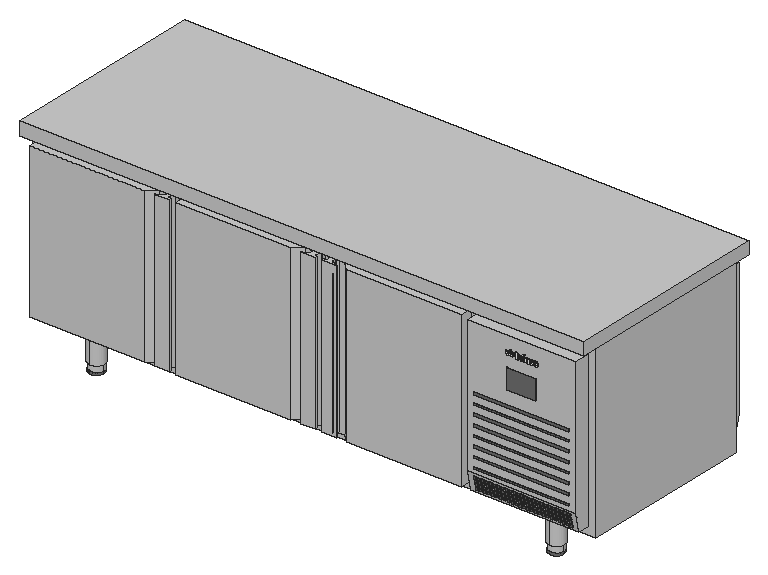
Revit family "QF_INFRICO_MR2190PDC_250813032627", category Specialty Equipment, Revit 2021
Family settings
  Round Connector Dimension = Use Diameter
  Part Type = Normal
  OmniClass Number = 23.40.40.14
  OmniClass Title = Food Service Equipment
  Work Plane-Based = No
  Always vertical = Yes
  Cut with Voids When Loaded = No
  Shared = No
  Room Calculation Point = No
Parameters (values of type "MR2190PDC-R290")
  Weight [instance] = 205.001 kg
  Waste Water Discharge Temperature [instance] = 0 °C
  Waste Remarks [instance] = ""
  Warranty Start Date [instance] = ""
  Warranty Duration [instance] = ""
  Volts [instance] = 230 V
  Volt Free Conn [instance] = no
  URL Recommended Spares List [instance] = ""
  URL Manufacturer [instance] = ""
  URL Cutsheet [instance] = ""
  URL Critical Spares List [instance] = ""
  URL = "www.infrico.com"
  Technical Documentation [instance] = ""
  Tag Number [instance] = ""
  Status [instance] = ""
  Start Up Current [instance] = 0 A
  Specification by User [instance] = ""
  Specification by Manufacturer [instance] = ""
  Sound Level [instance] = ""
  Show Logo [instance] = yes
  Show Clearances [instance] = yes
  Service Life Duration [instance] = ""
  Serial Number [instance] = ""
  Seismic Rating [instance] = ""
  SMACNA No [instance] = ""
  Revision Code [instance] = ""
  Revision [instance] = ""
  Production Year [instance] = ""
  Potential Equalisation [instance] = no
  Point Load [instance] = 0
  Plumbing Connection Type [instance] = ""
  Phase [instance] = 1
  Other Equipment Approvals [instance] = ""
  Operational Current [instance] = 0 A
  Number of Poles [instance] = 2
  No Load Power Draw [instance] = no
  NAFEM Spec ID Number [instance] = ""
  Model Warning [instance] = ""
  Model = "MR2190PDC"
  Min Ckt Ampacity [instance] = 0 A
  Max Overcurrent Protection [instance] = 0 A
  Masterspec [instance] = ""
  Manufacturer = "INFRICO"
  Main switch integrated [instance] = no
  Length Actual [instance] = 2184.908 mm
  Item Number [instance] = ""
  Installed By [instance] = ""
  Installation Date [instance] = ""
  Indirect Waste Size [instance] = 19.05 mm
  Indirect Waste Remarks [instance] = ""
  Indirect Waste Flow [instance] = 0.0 L/s
  Indirect Waste Connection Type [instance] = ""
  Indirect Waste Connection Height [instance] = 0 mm
  Identify Quantity as Lot [instance] = no
  ID [instance] = ""
  Hygiene Approval [instance] = ""
  Height Actual [instance] = 849.884 mm
  HP power [instance] = ""
  Furnished By [instance] = ""
  Foodservice Equipment Identifier [instance] = no
  FL Amps [instance] = 0 A
  Electrical Remarks [instance] = ""
  Electric power [instance] = 370 W
  Electric Connection Type [instance] = ""
  Elec Conn RI Height [instance] = 0 mm
  Elec Conn Connection Height [instance] = 0 mm
  ETL Approved [instance] = no
  Direct Waste Water Discharge Temperature [instance] = -273.15 °C
  Direct Waste Size [instance] = 19.05 mm
  Direct Waste RI Height [instance] = 0 mm
  Direct Waste Flow [instance] = 0.0 L/s
  Direct Waste Connection Height [instance] = 0 mm
  Description = "EURONORM 600X400 PASS THRU COUNTER REFRIGERATOR  800 SERIES - R290"
  Depth Actual [instance] = 800.1 mm
  Default Elevation = 0 mm
  Cycle [instance] = 50 Hz
  Cost = 0
  Connection to energy optimisation system [instance] = yes
  Conn Plug [instance] = ""
  Conn Conduit [instance] = no
  Centralized building control system with digital interface [instance] = ""
  CSI MasterFormat [instance] = ""
  CE Approved [instance] = no
  Barcode [instance] = 0
  Author [instance] = ""
  Asset Identifier [instance] = ""
  Apparent Power [instance] = 370 VA
  Accessory [instance] = no
Reference planes
  plane 1 "Center (Front/Back)": y = 0
  plane 2: z = 0
  plane 3 "Center (Left/Right)": x = 0
Forms (mm)
  Extrusion 1, solid, not visible
    sketch origin (898.044, -113.006, 142.007) x (1, 0, 0) y (0, 1, 0)
      loop
        line (-2, 2) -> (-2, -2) -> (2, -2) -> (2, 2) -> (-2, 2)
    from -2 to 2
  Extrusion 2, solid, not visible
    sketch origin (2123.104, -60.003, 142.007) x (1, 0, 0) y (0, 1, 0)
      loop
        line (-2, 2) -> (-2, -2) -> (2, -2) -> (2, 2) -> (-2, 2)
    from -2 to 2
Dimensions and locks
  locked: nested 2 to Extrusion 1 at 2  (x2)
  locked: nested 3 to Extrusion 2 at 2  (x2)
  aligned and locked: level to plane 2
Nested families
  nested 1: "QF_INFRICO_MR2190PDC_2920" at (0, 0, 140), type "MR2190PDC-R290"
    with Weight 205.001 kg, Warranty Start Date "", Warranty Duration "", URL Cutsheet "", Technical Documentation "", Tag Number "", Status "", Specification by User "", Specification by Manufacturer "", Sound Level "", Solid Fuel Type "", Show Logo yes, Show Clearances yes, Show Clearance yes, Service Life Duration "", Serial Number "", Seismic Rating "", SMACNA No "", Revision Code "", Revision "", Production Year "", Point Load 0, Other Equipment Approvals "", NAFEM Spec ID Number "", Model Warning "", Masterspec "", Length Actual 2184.908 mm, Item Number "", Installed By "", Installation Date "", Identify Quantity as Lot yes, ID "", Hygiene Approval "", Height Actual 849.884 mm, Furnished By "", Foodservice Equipment Identifier yes, ETL Approved yes, Depth Actual 800.1 mm, CSI MasterFormat "", CE Approved no, Barcode "", Author "", Asset Identifier "", Accessory no
  nested 2: "CONN_POINT_DRAIN_2D___Generic_Annotation" at (898.044, -113.006, 140.007), type "CONN_POINT_DRAIN_2D___Generic_Annotation"
    with Onboard connection annotation symbol visibility yes
  nested 3: "CONN_POINT_ELE_2D___Generic_Annotation" at (2123.104, -60.003, 140.007), type "CONN_POINT_ELE_2D___Generic_Annotation"
    with Onboard connection annotation symbol visibility yes
  nested 4: "QF_INFRICO_MR_DOOR_SX_5014" at (22, -738, 168), type "MR_DOOR_SX"
    with Weight 0.00 kg, Warranty Start Date "", Warranty Duration "", URL Cutsheet "", Technical Documentation "", Tag Number "", Status "", Specification by User "", Specification by Manufacturer "", Sound Level "", Solid Fuel Type "", Show Logo yes, Show Clearances yes, Show Clearance yes, Service Life Duration "", Serial Number "", Seismic Rating "", SMACNA No "", Revision Code "", Revision "", Production Year "", Point Load 0, Other Equipment Approvals "", NAFEM Spec ID Number "", Model Warning "", Masterspec "", Length Actual 542.036 mm, Item Number "", Installed By "", Installation Date "", Identify Quantity as Lot yes, ID "", Hygiene Approval "", Height Actual 596.9 mm, Furnished By "", Foodservice Equipment Identifier yes, ETL Approved yes, Depth Actual 54.102 mm, CSI MasterFormat "", CE Approved no, Barcode "", Author "", Asset Identifier "", Accessory yes
  nested 5: "QF_INFRICO_MR_DOOR_SX_5795" at (589, -738, 168), type "MR_DOOR_SX"
    with Weight 0.00 kg, Warranty Start Date "", Warranty Duration "", URL Cutsheet "", Technical Documentation "", Tag Number "", Status "", Specification by User "", Specification by Manufacturer "", Sound Level "", Solid Fuel Type "", Show Logo yes, Show Clearances yes, Show Clearance yes, Service Life Duration "", Serial Number "", Seismic Rating "", SMACNA No "", Revision Code "", Revision "", Production Year "", Point Load 0, Other Equipment Approvals "", NAFEM Spec ID Number "", Model Warning "", Masterspec "", Length Actual 542.036 mm, Item Number "", Installed By "", Installation Date "", Identify Quantity as Lot yes, ID "", Hygiene Approval "", Height Actual 596.9 mm, Furnished By "", Foodservice Equipment Identifier yes, ETL Approved yes, Depth Actual 54.102 mm, CSI MasterFormat "", CE Approved no, Barcode "", Author "", Asset Identifier "", Accessory yes
  nested 6: "QF_INFRICO_MR_DOOR_DX_6572" at (1156, -738, 168), type "MR_DOOR_DX"
    with Weight 0.00 kg, Warranty Start Date "", Warranty Duration "", URL Cutsheet "", Technical Documentation "", Tag Number "", Status "", Specification by User "", Specification by Manufacturer "", Sound Level "", Solid Fuel Type "", Show Logo yes, Show Clearances yes, Show Clearance yes, Service Life Duration "", Serial Number "", Seismic Rating "", SMACNA No "", Revision Code "", Revision "", Production Year "", Point Load 0, Other Equipment Approvals "", NAFEM Spec ID Number "", Model Warning "", Masterspec "", Length Actual 542.036 mm, Item Number "", Installed By "", Installation Date "", Identify Quantity as Lot yes, ID "", Hygiene Approval "", Height Actual 596.9 mm, Furnished By "", Foodservice Equipment Identifier yes, ETL Approved yes, Depth Actual 54.102 mm, CSI MasterFormat "", CE Approved no, Barcode "", Author "", Asset Identifier "", Accessory yes
  nested 7: "QF_INFRICO_MRPDC_DOOR_SX_7349" at (22, -18, 168), type "MRPDC_DOOR_SX"
    with Weight 0.00 kg, Warranty Start Date "", Warranty Duration "", URL Cutsheet "", Technical Documentation "", Tag Number "", Status "", Specification by User "", Specification by Manufacturer "", Sound Level "", Solid Fuel Type "", Show Logo yes, Show Clearances yes, Show Clearance yes, Service Life Duration "", Serial Number "", Seismic Rating "", SMACNA No "", Revision Code "", Revision "", Production Year "", Point Load 0, Other Equipment Approvals "", NAFEM Spec ID Number "", Model Warning "", Masterspec "", Length Actual 542.036 mm, Item Number "", Installed By "", Installation Date "", Identify Quantity as Lot yes, ID "", Hygiene Approval "", Height Actual 596.9 mm, Furnished By "", Foodservice Equipment Identifier yes, ETL Approved yes, Depth Actual 54.102 mm, CSI MasterFormat "", CE Approved no, Barcode "", Author "", Asset Identifier "", Accessory yes
  nested 8: "QF_INFRICO_MRPDC_DOOR_SX_8126" at (589, -18, 168), type "MRPDC_DOOR_SX"
    with Weight 0.00 kg, Warranty Start Date "", Warranty Duration "", URL Cutsheet "", Technical Documentation "", Tag Number "", Status "", Specification by User "", Specification by Manufacturer "", Sound Level "", Solid Fuel Type "", Show Logo yes, Show Clearances yes, Show Clearance yes, Service Life Duration "", Serial Number "", Seismic Rating "", SMACNA No "", Revision Code "", Revision "", Production Year "", Point Load 0, Other Equipment Approvals "", NAFEM Spec ID Number "", Model Warning "", Masterspec "", Length Actual 542.036 mm, Item Number "", Installed By "", Installation Date "", Identify Quantity as Lot yes, ID "", Hygiene Approval "", Height Actual 596.9 mm, Furnished By "", Foodservice Equipment Identifier yes, ETL Approved yes, Depth Actual 54.102 mm, CSI MasterFormat "", CE Approved no, Barcode "", Author "", Asset Identifier "", Accessory yes
  nested 9: "QF_INFRICO_MRPDC_DOOR_DX_8903" at (1156, -18, 168), type "MRPDC_DOOR_DX"
    with Weight 0.00 kg, Warranty Start Date "", Warranty Duration "", URL Cutsheet "", Technical Documentation "", Tag Number "", Status "", Specification by User "", Specification by Manufacturer "", Sound Level "", Solid Fuel Type "", Show Logo yes, Show Clearances yes, Show Clearance yes, Service Life Duration "", Serial Number "", Seismic Rating "", SMACNA No "", Revision Code "", Revision "", Production Year "", Point Load 0, Other Equipment Approvals "", NAFEM Spec ID Number "", Model Warning "", Masterspec "", Length Actual 542.036 mm, Item Number "", Installed By "", Installation Date "", Identify Quantity as Lot yes, ID "", Hygiene Approval "", Height Actual 596.9 mm, Furnished By "", Foodservice Equipment Identifier yes, ETL Approved yes, Depth Actual 54.102 mm, CSI MasterFormat "", CE Approved no, Barcode "", Author "", Asset Identifier "", Accessory yes
  nested 10: "QF_INFRICO_WORKTOP_9680" at (0, 0, 800), type "ENC12SPMR21"
    with Weight 0.00 kg, Warranty Start Date "", Warranty Duration "", URL Cutsheet "", Technical Documentation "", Tag Number "", Status "", Specification by User "", Specification by Manufacturer "", Sound Level "", Solid Fuel Type "", Show Logo yes, Show Clearances yes, Show Clearance yes, Service Life Duration "", Serial Number "", Seismic Rating "", SMACNA No "", Revision Code "", Revision "", Production Year "", Point Load 0, Other Equipment Approvals "", NAFEM Spec ID Number "", Model Warning "", Masterspec "", Length Actual 2184.908 mm, Item Number "", Installed By "", Installation Date "", Identify Quantity as Lot yes, ID "", Hygiene Approval "", Height Actual 50.038 mm, Furnished By "", Foodservice Equipment Identifier yes, ETL Approved yes, Depth Actual 800.1 mm, CSI MasterFormat "", CE Approved no, Barcode "", Author "", Asset Identifier "", Accessory yes
  nested 11: "QF_INFRICO_LEGS_10524" at (0, -62, 0), type "LEGS_2190_740"
    with Weight 0.00 kg, Warranty Start Date "", Warranty Duration "", URL Cutsheet "", Technical Documentation "", Tag Number "", Status "", Specification by User "", Specification by Manufacturer "", Sound Level "", Solid Fuel Type "", Show Logo yes, Show Clearances yes, Show Clearance yes, Service Life Duration "", Serial Number "", Seismic Rating "", SMACNA No "", Revision Code "", Revision "", Production Year "", Point Load 0, Other Equipment Approvals "", NAFEM Spec ID Number "", Model Warning "", Masterspec "", Length Actual 2184.908 mm, Item Number "", Installed By "", Installation Date "", Identify Quantity as Lot yes, ID "", Hygiene Approval "", Height Actual 139.954 mm, Furnished By "", Foodservice Equipment Identifier yes, ETL Approved yes, Depth Actual 738.124 mm, CSI MasterFormat "", CE Approved no, Barcode "", Author "", Asset Identifier "", Accessory yes
Connectors
  piping at (898.044, -113.006, 140.007), diameter 19.05, driven by "Indirect Waste Size", driven by "Direct Waste Flow"
    settings: on Extrusion 1, index 1, connector inside diameter 609.6 mm, connector length 0 mm, flow factor 0, pipe flow 0.0 L/s, pressure drop 0.0 Pa, fitting loss kfactor 0, connector angle 0.00°, fixture units 0, engagement length 0 mm, angle of deflection 0.00°, flow configuration 1, flow direction 2, fitting loss method 0, system type 16, joint type 0, gender type 0, connector reference index -1, connector utility 0, adjustable connector no, is connector primary yes, connector description "Waste connection for MR2190PDC"
  electrical at (2123.104, -60.003, 140.007), driven by "Apparent Power", driven by "Number of Poles", driven by "Volts"
    settings: on Extrusion 2, index 2, voltage 230 V, apparent load 0 VA, apparent load phase1 370 VA, apparent load phase2 0 VA, apparent load phase3 0 VA, power factor 1, load classification "Other", number of poles 2, system type 31, power factor state 1, is connector primary yes, connector utility no, sub classification motor no, connector description "Electrical connection for MR2190PDC"
Definition of nested family "QF_INFRICO_MR2190PDC_2920"
  Parameters (values of type "MR2190PDC-R290")
    Weight [instance] = 0.00 kg
    Warranty Start Date [instance] = ""
    Warranty Duration [instance] = ""
    URL Cutsheet [instance] = ""
    URL = "www.infrico.com"
    Technical Documentation [instance] = ""
    Tag Number [instance] = ""
    Status [instance] = ""
    Specification by User [instance] = ""
    Specification by Manufacturer [instance] = ""
    Sound Level [instance] = ""
    Solid Fuel Type [instance] = ""
    Show Logo [instance] = yes
    Show Clearances [instance] = yes
    Show Clearance [instance] = yes
    Service Life Duration [instance] = ""
    Serial Number [instance] = ""
    Seismic Rating [instance] = ""
    SMACNA No [instance] = ""
    Revision Code [instance] = ""
    Revision [instance] = ""
    Production Year [instance] = ""
    Point Load [instance] = 0
    Other Equipment Approvals [instance] = ""
    NAFEM Spec ID Number [instance] = ""
    Model Warning [instance] = ""
    Model = "MR2190PDC"
    Masterspec [instance] = ""
    Manufacturer = "INFRICO"
    Length Actual [instance] = 0 mm
    Item Number [instance] = ""
    Installed By [instance] = ""
    Installation Date [instance] = ""
    Identify Quantity as Lot [instance] = yes
    ID [instance] = ""
    Hygiene Approval [instance] = ""
    Height Actual [instance] = 0 mm
    Furnished By [instance] = ""
    Foodservice Equipment Identifier [instance] = yes
    ETL Approved [instance] = yes
    Description = "EURONORM 600X400 PASS THRU COUNTER REFRIGERATOR  800 SERIES - R290"
    Depth Actual [instance] = 0 mm
    Default Elevation = 0 mm
    CSI MasterFormat [instance] = ""
    CE Approved [instance] = yes
    Barcode [instance] = ""
    Author [instance] = ""
    Asset Identifier [instance] = ""
    Assembly Code = "E1090320"
    Accessory [instance] = yes
  Types (4, lengths in mm): name | Model | Description
    MR2190PDC | "MR2190PDC" | "EURONORM 600X400 PASS THRU COUNTER REFRIGERATOR  800 SERIES - R134A"
    MR2190PDCR | "MR2190PDCR" | "EURONORM 600X400 PASS THRU COUNTER REFRIGERATOR  800 SERIES - R134A"
    MR2190PDC-R290 | "MR2190PDC" | "EURONORM 600X400 PASS THRU COUNTER REFRIGERATOR  800 SERIES - R290"
    MR2190PDCR-R290 | "MR2190PDCR" | "EURONORM 600X400 PASS THRU COUNTER REFRIGERATOR  800 SERIES - R290"
  Reference planes
    plane 1 "Back": y = 0
    plane 2: z = 0
    plane 3 "Left": x = 0
    plane 4 "Right": x = 2185
    plane 5 "Front": y = -800
    plane 6 "Top": z = 660
  Forms (mm)
    Extrusion 1, solid
      sketch origin (717, -100, -140) x (0, 1, 0) y (0, 0, 1)
        loop
          line (-638.02, 765.292) -> (-695.03, 765.292) -> (-695.03, 238.436) -> (-678.769, 168) -> (-638.02, 168) -> (-638.02, 765.292)
      from 1013.993 to 1433.993
    Extrusion 2, solid
      sketch origin (-1283, -793.13, -140) x (1, 0, 0) y (0, 0, 1)
        loop
          line (3408.016, 523.949) -> (3040.73, 523.949) -> (3040.73, 514.949) -> (3408.016, 514.949) -> (3408.016, 523.949)
        loop
          line (3408.016, 486.949) -> (3040.73, 486.949) -> (3040.73, 477.949) -> (3408.016, 477.949) -> (3408.016, 486.949)
        loop
          line (3408.016, 449.949) -> (3040.73, 449.949) -> (3040.73, 440.949) -> (3408.016, 440.949) -> (3408.016, 449.949)
        loop
          line (3408.016, 412.949) -> (3040.73, 412.949) -> (3040.73, 403.949) -> (3408.016, 403.949) -> (3408.016, 412.949)
        loop
          line (3408.016, 375.949) -> (3040.73, 375.949) -> (3040.73, 366.949) -> (3408.016, 366.949) -> (3408.016, 375.949)
        loop
          line (3408.016, 338.949) -> (3040.73, 338.949) -> (3040.73, 329.949) -> (3408.016, 329.949) -> (3408.016, 338.949)
        loop
          line (3408.016, 301.949) -> (3040.73, 301.949) -> (3040.73, 292.949) -> (3408.016, 292.949) -> (3408.016, 301.949)
        loop
          line (3408.016, 264.949) -> (3040.73, 264.949) -> (3040.73, 255.949) -> (3408.016, 255.949) -> (3408.016, 264.949)
      from 0 to 2
    Extrusion 3, solid
      sketch origin (-1283, -739.263, -134.673) x (1, 0, 0) y (0, -0.224951, 0.97437)
        loop
          line (3036.73, 215.974) -> (3036.73, 205.974) -> (3046.73, 205.974) -> (3046.73, 215.974) -> (3036.73, 215.974)
        loop
          line (3036.73, 230.769) -> (3036.73, 220.769) -> (3046.73, 220.769) -> (3046.73, 230.769) -> (3036.73, 230.769)
        loop
          line (3036.73, 186.385) -> (3036.73, 176.385) -> (3046.73, 176.385) -> (3046.73, 186.385) -> (3036.73, 186.385)
        loop
          line (3036.73, 201.179) -> (3036.73, 191.179) -> (3046.73, 191.179) -> (3046.73, 201.179) -> (3036.73, 201.179)
        loop
          line (3051.938, 215.974) -> (3051.938, 205.974) -> (3061.938, 205.974) -> (3061.938, 215.974) -> (3051.938, 215.974)
        loop
          line (3051.938, 230.769) -> (3051.938, 220.769) -> (3061.938, 220.769) -> (3061.938, 230.769) -> (3051.938, 230.769)
        loop
          line (3051.938, 186.385) -> (3051.938, 176.385) -> (3061.938, 176.385) -> (3061.938, 186.385) -> (3051.938, 186.385)
        loop
          line (3051.938, 201.179) -> (3051.938, 191.179) -> (3061.938, 191.179) -> (3061.938, 201.179) -> (3051.938, 201.179)
        loop
          line (3067.147, 215.974) -> (3067.147, 205.974) -> (3077.147, 205.974) -> (3077.147, 215.974) -> (3067.147, 215.974)
        loop
          line (3067.147, 230.769) -> (3067.147, 220.769) -> (3077.147, 220.769) -> (3077.147, 230.769) -> (3067.147, 230.769)
        loop
          line (3067.147, 186.385) -> (3067.147, 176.385) -> (3077.147, 176.385) -> (3077.147, 186.385) -> (3067.147, 186.385)
        loop
          line (3067.147, 201.179) -> (3067.147, 191.179) -> (3077.147, 191.179) -> (3077.147, 201.179) -> (3067.147, 201.179)
        loop
          line (3082.355, 215.974) -> (3082.355, 205.974) -> (3092.355, 205.974) -> (3092.355, 215.974) -> (3082.355, 215.974)
        loop
          line (3082.355, 230.769) -> (3082.355, 220.769) -> (3092.355, 220.769) -> (3092.355, 230.769) -> (3082.355, 230.769)
        loop
          line (3082.355, 186.385) -> (3082.355, 176.385) -> (3092.355, 176.385) -> (3092.355, 186.385) -> (3082.355, 186.385)
        loop
          line (3082.355, 201.179) -> (3082.355, 191.179) -> (3092.355, 191.179) -> (3092.355, 201.179) -> (3082.355, 201.179)
        loop
          line (3097.563, 215.974) -> (3097.563, 205.974) -> (3107.563, 205.974) -> (3107.563, 215.974) -> (3097.563, 215.974)
        loop
          line (3097.563, 230.769) -> (3097.563, 220.769) -> (3107.563, 220.769) -> (3107.563, 230.769) -> (3097.563, 230.769)
        loop
          line (3097.563, 186.385) -> (3097.563, 176.385) -> (3107.563, 176.385) -> (3107.563, 186.385) -> (3097.563, 186.385)
        loop
          line (3097.563, 201.179) -> (3097.563, 191.179) -> (3107.563, 191.179) -> (3107.563, 201.179) -> (3097.563, 201.179)
        loop
          line (3112.772, 215.974) -> (3112.772, 205.974) -> (3122.772, 205.974) -> (3122.772, 215.974) -> (3112.772, 215.974)
        loop
          line (3112.772, 230.769) -> (3112.772, 220.769) -> (3122.772, 220.769) -> (3122.772, 230.769) -> (3112.772, 230.769)
        loop
          line (3112.772, 186.385) -> (3112.772, 176.385) -> (3122.772, 176.385) -> (3122.772, 186.385) -> (3112.772, 186.385)
        loop
          line (3112.772, 201.179) -> (3112.772, 191.179) -> (3122.772, 191.179) -> (3122.772, 201.179) -> (3112.772, 201.179)
        loop
          line (3127.98, 215.974) -> (3127.98, 205.974) -> (3137.98, 205.974) -> (3137.98, 215.974) -> (3127.98, 215.974)
        loop
          line (3127.98, 230.769) -> (3127.98, 220.769) -> (3137.98, 220.769) -> (3137.98, 230.769) -> (3127.98, 230.769)
        loop
          line (3127.98, 186.385) -> (3127.98, 176.385) -> (3137.98, 176.385) -> (3137.98, 186.385) -> (3127.98, 186.385)
        loop
          line (3127.98, 201.179) -> (3127.98, 191.179) -> (3137.98, 191.179) -> (3137.98, 201.179) -> (3127.98, 201.179)
        loop
          line (3143.188, 215.974) -> (3143.188, 205.974) -> (3153.188, 205.974) -> (3153.188, 215.974) -> (3143.188, 215.974)
        loop
          line (3143.188, 230.769) -> (3143.188, 220.769) -> (3153.188, 220.769) -> (3153.188, 230.769) -> (3143.188, 230.769)
        loop
          line (3143.188, 186.385) -> (3143.188, 176.385) -> (3153.188, 176.385) -> (3153.188, 186.385) -> (3143.188, 186.385)
        loop
          line (3143.188, 201.179) -> (3143.188, 191.179) -> (3153.188, 191.179) -> (3153.188, 201.179) -> (3143.188, 201.179)
        loop
          line (3158.397, 215.974) -> (3158.397, 205.974) -> (3168.397, 205.974) -> (3168.397, 215.974) -> (3158.397, 215.974)
        loop
          line (3158.397, 230.769) -> (3158.397, 220.769) -> (3168.397, 220.769) -> (3168.397, 230.769) -> (3158.397, 230.769)
        loop
          line (3158.397, 186.385) -> (3158.397, 176.385) -> (3168.397, 176.385) -> (3168.397, 186.385) -> (3158.397, 186.385)
        loop
          line (3158.397, 201.179) -> (3158.397, 191.179) -> (3168.397, 191.179) -> (3168.397, 201.179) -> (3158.397, 201.179)
        loop
          line (3173.605, 215.974) -> (3173.605, 205.974) -> (3183.605, 205.974) -> (3183.605, 215.974) -> (3173.605, 215.974)
        loop
          line (3173.605, 230.769) -> (3173.605, 220.769) -> (3183.605, 220.769) -> (3183.605, 230.769) -> (3173.605, 230.769)
        loop
          line (3173.605, 186.385) -> (3173.605, 176.385) -> (3183.605, 176.385) -> (3183.605, 186.385) -> (3173.605, 186.385)
        loop
          line (3173.605, 201.179) -> (3173.605, 191.179) -> (3183.605, 191.179) -> (3183.605, 201.179) -> (3173.605, 201.179)
        loop
          line (3188.813, 215.974) -> (3188.813, 205.974) -> (3198.813, 205.974) -> (3198.813, 215.974) -> (3188.813, 215.974)
        loop
          line (3188.813, 230.769) -> (3188.813, 220.769) -> (3198.813, 220.769) -> (3198.813, 230.769) -> (3188.813, 230.769)
        loop
          line (3188.813, 186.385) -> (3188.813, 176.385) -> (3198.813, 176.385) -> (3198.813, 186.385) -> (3188.813, 186.385)
        loop
          line (3188.813, 201.179) -> (3188.813, 191.179) -> (3198.813, 191.179) -> (3198.813, 201.179) -> (3188.813, 201.179)
        loop
          line (3204.022, 215.974) -> (3204.022, 205.974) -> (3214.022, 205.974) -> (3214.022, 215.974) -> (3204.022, 215.974)
        loop
          line (3204.022, 230.769) -> (3204.022, 220.769) -> (3214.022, 220.769) -> (3214.022, 230.769) -> (3204.022, 230.769)
        loop
          line (3204.022, 186.385) -> (3204.022, 176.385) -> (3214.022, 176.385) -> (3214.022, 186.385) -> (3204.022, 186.385)
        loop
          line (3204.022, 201.179) -> (3204.022, 191.179) -> (3214.022, 191.179) -> (3214.022, 201.179) -> (3204.022, 201.179)
        loop
          line (3219.23, 215.974) -> (3219.23, 205.974) -> (3229.23, 205.974) -> (3229.23, 215.974) -> (3219.23, 215.974)
        loop
          line (3219.23, 230.769) -> (3219.23, 220.769) -> (3229.23, 220.769) -> (3229.23, 230.769) -> (3219.23, 230.769)
        loop
          line (3219.23, 186.385) -> (3219.23, 176.385) -> (3229.23, 176.385) -> (3229.23, 186.385) -> (3219.23, 186.385)
        loop
          line (3219.23, 201.179) -> (3219.23, 191.179) -> (3229.23, 191.179) -> (3229.23, 201.179) -> (3219.23, 201.179)
        loop
          line (3234.438, 215.974) -> (3234.438, 205.974) -> (3244.438, 205.974) -> (3244.438, 215.974) -> (3234.438, 215.974)
        loop
          line (3234.438, 230.769) -> (3234.438, 220.769) -> (3244.438, 220.769) -> (3244.438, 230.769) -> (3234.438, 230.769)
        loop
          line (3234.438, 186.385) -> (3234.438, 176.385) -> (3244.438, 176.385) -> (3244.438, 186.385) -> (3234.438, 186.385)
        loop
          line (3234.438, 201.179) -> (3234.438, 191.179) -> (3244.438, 191.179) -> (3244.438, 201.179) -> (3234.438, 201.179)
        loop
          line (3249.647, 215.974) -> (3249.647, 205.974) -> (3259.647, 205.974) -> (3259.647, 215.974) -> (3249.647, 215.974)
        loop
          line (3249.647, 230.769) -> (3249.647, 220.769) -> (3259.647, 220.769) -> (3259.647, 230.769) -> (3249.647, 230.769)
        loop
          line (3249.647, 186.385) -> (3249.647, 176.385) -> (3259.647, 176.385) -> (3259.647, 186.385) -> (3249.647, 186.385)
        loop
          line (3249.647, 201.179) -> (3249.647, 191.179) -> (3259.647, 191.179) -> (3259.647, 201.179) -> (3249.647, 201.179)
        loop
          line (3264.855, 215.974) -> (3264.855, 205.974) -> (3274.855, 205.974) -> (3274.855, 215.974) -> (3264.855, 215.974)
        loop
          line (3264.855, 230.769) -> (3264.855, 220.769) -> (3274.855, 220.769) -> (3274.855, 230.769) -> (3264.855, 230.769)
        loop
          line (3264.855, 186.385) -> (3264.855, 176.385) -> (3274.855, 176.385) -> (3274.855, 186.385) -> (3264.855, 186.385)
        loop
          line (3264.855, 201.179) -> (3264.855, 191.179) -> (3274.855, 191.179) -> (3274.855, 201.179) -> (3264.855, 201.179)
        loop
          line (3280.063, 215.974) -> (3280.063, 205.974) -> (3290.063, 205.974) -> (3290.063, 215.974) -> (3280.063, 215.974)
        loop
          line (3280.063, 230.769) -> (3280.063, 220.769) -> (3290.063, 220.769) -> (3290.063, 230.769) -> (3280.063, 230.769)
        loop
          line (3280.063, 186.385) -> (3280.063, 176.385) -> (3290.063, 176.385) -> (3290.063, 186.385) -> (3280.063, 186.385)
        loop
          line (3280.063, 201.179) -> (3280.063, 191.179) -> (3290.063, 191.179) -> (3290.063, 201.179) -> (3280.063, 201.179)
        loop
          line (3295.272, 215.974) -> (3295.272, 205.974) -> (3305.272, 205.974) -> (3305.272, 215.974) -> (3295.272, 215.974)
        loop
          line (3295.272, 230.769) -> (3295.272, 220.769) -> (3305.272, 220.769) -> (3305.272, 230.769) -> (3295.272, 230.769)
        loop
          line (3295.272, 186.385) -> (3295.272, 176.385) -> (3305.272, 176.385) -> (3305.272, 186.385) -> (3295.272, 186.385)
        loop
          line (3295.272, 201.179) -> (3295.272, 191.179) -> (3305.272, 191.179) -> (3305.272, 201.179) -> (3295.272, 201.179)
        loop
          line (3310.48, 215.974) -> (3310.48, 205.974) -> (3320.48, 205.974) -> (3320.48, 215.974) -> (3310.48, 215.974)
        loop
          line (3310.48, 230.769) -> (3310.48, 220.769) -> (3320.48, 220.769) -> (3320.48, 230.769) -> (3310.48, 230.769)
        loop
          line (3310.48, 186.385) -> (3310.48, 176.385) -> (3320.48, 176.385) -> (3320.48, 186.385) -> (3310.48, 186.385)
        loop
          line (3310.48, 201.179) -> (3310.48, 191.179) -> (3320.48, 191.179) -> (3320.48, 201.179) -> (3310.48, 201.179)
        loop
          line (3325.688, 215.974) -> (3325.688, 205.974) -> (3335.688, 205.974) -> (3335.688, 215.974) -> (3325.688, 215.974)
        loop
          line (3325.688, 230.769) -> (3325.688, 220.769) -> (3335.688, 220.769) -> (3335.688, 230.769) -> (3325.688, 230.769)
        loop
          line (3325.688, 186.385) -> (3325.688, 176.385) -> (3335.688, 176.385) -> (3335.688, 186.385) -> (3325.688, 186.385)
        loop
          line (3325.688, 201.179) -> (3325.688, 191.179) -> (3335.688, 191.179) -> (3335.688, 201.179) -> (3325.688, 201.179)
        loop
          line (3340.897, 215.974) -> (3340.897, 205.974) -> (3350.897, 205.974) -> (3350.897, 215.974) -> (3340.897, 215.974)
        loop
          line (3340.897, 230.769) -> (3340.897, 220.769) -> (3350.897, 220.769) -> (3350.897, 230.769) -> (3340.897, 230.769)
        loop
          line (3340.897, 186.385) -> (3340.897, 176.385) -> (3350.897, 176.385) -> (3350.897, 186.385) -> (3340.897, 186.385)
        loop
          line (3340.897, 201.179) -> (3340.897, 191.179) -> (3350.897, 191.179) -> (3350.897, 201.179) -> (3340.897, 201.179)
        loop
          line (3356.105, 215.974) -> (3356.105, 205.974) -> (3366.105, 205.974) -> (3366.105, 215.974) -> (3356.105, 215.974)
        loop
          line (3356.105, 230.769) -> (3356.105, 220.769) -> (3366.105, 220.769) -> (3366.105, 230.769) -> (3356.105, 230.769)
        loop
          line (3356.105, 186.385) -> (3356.105, 176.385) -> (3366.105, 176.385) -> (3366.105, 186.385) -> (3356.105, 186.385)
        loop
          line (3356.105, 201.179) -> (3356.105, 191.179) -> (3366.105, 191.179) -> (3366.105, 201.179) -> (3356.105, 201.179)
        loop
          line (3371.313, 215.974) -> (3371.313, 205.974) -> (3381.313, 205.974) -> (3381.313, 215.974) -> (3371.313, 215.974)
        loop
          line (3371.313, 230.769) -> (3371.313, 220.769) -> (3381.313, 220.769) -> (3381.313, 230.769) -> (3371.313, 230.769)
        loop
          line (3371.313, 186.385) -> (3371.313, 176.385) -> (3381.313, 176.385) -> (3381.313, 186.385) -> (3371.313, 186.385)
        loop
          line (3371.313, 201.179) -> (3371.313, 191.179) -> (3381.313, 191.179) -> (3381.313, 201.179) -> (3371.313, 201.179)
        loop
          line (3386.522, 215.974) -> (3386.522, 205.974) -> (3396.522, 205.974) -> (3396.522, 215.974) -> (3386.522, 215.974)
        loop
          line (3386.522, 230.769) -> (3386.522, 220.769) -> (3396.522, 220.769) -> (3396.522, 230.769) -> (3386.522, 230.769)
        loop
          line (3386.522, 186.385) -> (3386.522, 176.385) -> (3396.522, 176.385) -> (3396.522, 186.385) -> (3386.522, 186.385)
        loop
          line (3386.522, 201.179) -> (3386.522, 191.179) -> (3396.522, 191.179) -> (3396.522, 201.179) -> (3386.522, 201.179)
        loop
          line (3401.73, 215.974) -> (3401.73, 205.974) -> (3411.73, 205.974) -> (3411.73, 215.974) -> (3401.73, 215.974)
        loop
          line (3401.73, 230.769) -> (3401.73, 220.769) -> (3411.73, 220.769) -> (3411.73, 230.769) -> (3401.73, 230.769)
        loop
          line (3401.73, 186.385) -> (3401.73, 176.385) -> (3411.73, 176.385) -> (3411.73, 186.385) -> (3401.73, 186.385)
        loop
          line (3401.73, 201.179) -> (3401.73, 191.179) -> (3411.73, 191.179) -> (3411.73, 201.179) -> (3401.73, 201.179)
      from 0 to 2
    Extrusion 4, solid, visible <- "Show Logo"
      sketch origin (716.014, -793.13, -140) x (1, 0, 0) y (0, 0, 1)
        loop
          line (1208.799, 696.53) -> (1208.799, 719.204) -> (1204.173, 719.204) -> (1204.173, 696.53) -> (1208.799, 696.53)
        loop
          line (1214.779, 713.006) -> (1211.283, 713.006) -> (1211.283, 696.53) -> (1215.772, 696.53) -> (1215.772, 707.832)
          arc (1215.772, 707.832) -> (1217.528, 708.741) -> (1219.417, 709.324) r 11.052
          arc (1219.417, 709.324) -> (1220.929, 708.961) -> (1221.598, 707.557) r 1.806
          line (1221.598, 707.557) -> (1221.598, 696.53) -> (1226.121, 696.53) -> (1226.121, 708.689)
          arc (1226.121, 708.689) -> (1224.637, 712.075) -> (1221.141, 713.281) r 4.607
          arc (1221.141, 713.281) -> (1218.282, 712.674) -> (1215.669, 711.361) r 11.435
          line (1215.669, 711.361) -> (1215.601, 712.184)
          arc (1215.601, 712.184) -> (1215.36, 712.765) -> (1214.779, 713.006) r 0.822
        loop
          line (1238.557, 720.102) -> (1237.306, 720.102)
          arc (1237.306, 720.102) -> (1235.052, 719.926) -> (1232.881, 719.297) r 11.103
          arc (1232.881, 719.297) -> (1230.805, 717.616) -> (1230.024, 715.062) r 4.567
          line (1230.024, 715.062) -> (1230.024, 712.909) -> (1227.351, 712.703) -> (1227.351, 709.374) -> (1230.024, 709.374) -> (1230.024, 696.53) -> (1234.547, 696.53) -> (1234.547, 709.374) -> (1238.249, 709.374) -> (1238.249, 712.938) -> (1234.547, 712.938) -> (1234.547, 714.548)
          arc (1234.547, 714.548) -> (1234.956, 715.705) -> (1236.045, 716.271) r 1.67
          line (1236.045, 716.271) -> (1237.7, 716.399)
          arc (1237.7, 716.399) -> (1238.306, 716.65) -> (1238.557, 717.255) r 0.857
          line (1238.557, 717.255) -> (1238.557, 720.102)
        loop
          line (1239.479, 713.006) -> (1239.479, 696.53) -> (1243.968, 696.53) -> (1243.968, 707.352)
          arc (1243.968, 707.352) -> (1245.873, 708.631) -> (1248.077, 709.268) r 7.435
          line (1248.077, 709.268) -> (1249.241, 709.416)
          arc (1249.241, 709.416) -> (1249.643, 709.758) -> (1249.793, 710.265) r 0.928
          line (1249.793, 710.265) -> (1249.793, 712.458)
          arc (1249.793, 712.458) -> (1249.531, 713.061) -> (1248.912, 713.28) r 0.824
          arc (1248.912, 713.28) -> (1246.197, 712.588) -> (1243.899, 710.984) r 7.833
          line (1243.899, 710.984) -> (1243.726, 713.006) -> (1239.479, 713.006)
        loop
          line (1255.495, 696.53) -> (1255.495, 713.006) -> (1251.006, 713.006) -> (1251.006, 696.53) -> (1255.495, 696.53)
        loop
          arc (1257.421, 701.327) -> (1258.567, 698.188) -> (1261.466, 696.525) r 4.873
          arc (1261.466, 696.525) -> (1264.493, 696.266) -> (1267.521, 696.525) r 17.816
          arc (1267.521, 696.525) -> (1270.575, 699.134) -> (1271.505, 703.041) r 6.481
          line (1271.505, 703.041) -> (1267.187, 703.041) -> (1267.187, 701.67)
          arc (1267.187, 701.67) -> (1266.64, 700.452) -> (1265.442, 699.865) r 1.965
          arc (1265.442, 699.865) -> (1264.547, 699.816) -> (1263.653, 699.865) r 8.196
          arc (1263.653, 699.865) -> (1262.417, 700.415) -> (1261.91, 701.67) r 1.806
          line (1261.91, 701.67) -> (1261.91, 707.9)
          arc (1261.91, 707.9) -> (1262.417, 709.155) -> (1263.653, 709.705) r 1.806
          arc (1263.653, 709.705) -> (1264.547, 709.754) -> (1265.442, 709.705) r 8.196
          arc (1265.442, 709.705) -> (1266.64, 709.118) -> (1267.187, 707.9) r 1.965
          line (1267.187, 707.9) -> (1267.187, 706.838) -> (1271.505, 706.838)
          arc (1271.505, 706.838) -> (1270.524, 710.556) -> (1267.521, 712.959) r 6.132
          arc (1267.521, 712.959) -> (1264.493, 713.294) -> (1261.466, 712.959) r 13.851
          arc (1261.466, 712.959) -> (1258.571, 711.349) -> (1257.421, 708.243) r 4.772
          line (1257.421, 708.243) -> (1257.421, 701.327)
        loop
          arc (1272.916, 701.329) -> (1273.993, 698.345) -> (1276.726, 696.734) r 4.676
          arc (1276.726, 696.734) -> (1278.515, 696.455) -> (1280.318, 696.291) r 28.371
          arc (1280.318, 696.291) -> (1282.122, 696.455) -> (1283.911, 696.734) r 28.371
          arc (1283.911, 696.734) -> (1286.644, 698.345) -> (1287.72, 701.329) r 4.676
          line (1287.72, 701.329) -> (1287.72, 708.242)
          arc (1287.72, 708.242) -> (1286.644, 711.226) -> (1283.911, 712.837) r 4.676
          arc (1283.911, 712.837) -> (1282.122, 713.116) -> (1280.318, 713.28) r 28.371
          arc (1280.318, 713.28) -> (1278.515, 713.116) -> (1276.726, 712.837) r 28.371
          arc (1276.726, 712.837) -> (1273.993, 711.226) -> (1272.916, 708.242) r 4.676
          line (1272.916, 708.242) -> (1272.916, 701.329)
        loop
          line (1277.405, 707.866) -> (1277.405, 701.705)
          arc (1277.405, 701.705) -> (1277.844, 700.556) -> (1278.936, 699.991) r 1.725
          arc (1278.936, 699.991) -> (1279.627, 699.918) -> (1280.318, 699.856) r 46.133
          arc (1280.318, 699.856) -> (1281.01, 699.918) -> (1281.701, 699.991) r 46.133
          arc (1281.701, 699.991) -> (1282.793, 700.556) -> (1283.231, 701.705) r 1.725
          line (1283.231, 701.705) -> (1283.231, 707.866)
          arc (1283.231, 707.866) -> (1282.793, 709.015) -> (1281.701, 709.58) r 1.725
          arc (1281.701, 709.58) -> (1281.01, 709.653) -> (1280.318, 709.716) r 46.133
          arc (1280.318, 709.716) -> (1279.627, 709.653) -> (1278.936, 709.58) r 46.133
          arc (1278.936, 709.58) -> (1277.844, 709.015) -> (1277.405, 707.866) r 1.725
        loop
          arc (1190.339, 696.543) -> (1191.411, 696.987) -> (1191.856, 698.059) r 1.516
          line (1191.856, 698.059) -> (1191.856, 703.891) -> (1196.035, 703.891)
          arc (1196.035, 703.891) -> (1196.79, 704.121) -> (1197.218, 704.782) r 1.147
          line (1197.218, 704.782) -> (1197.218, 706.211)
          arc (1197.218, 706.211) -> (1196.787, 707.258) -> (1195.719, 707.634) r 1.385
          line (1195.719, 707.634) -> (1194.52, 707.634) -> (1197.218, 710.332)
          arc (1197.218, 710.332) -> (1197.605, 711.266) -> (1197.218, 712.2) r 1.321
          line (1197.218, 712.2) -> (1196.495, 712.923)
          arc (1196.495, 712.923) -> (1195.54, 713.338) -> (1194.558, 712.991) r 1.422
          line (1194.558, 712.991) -> (1191.853, 710.286) -> (1191.853, 711.479)
          arc (1191.853, 711.479) -> (1191.443, 712.516) -> (1190.435, 712.992) r 1.516
          line (1190.435, 712.992) -> (1189.514, 712.992)
          arc (1189.514, 712.992) -> (1188.511, 712.514) -> (1188.103, 711.479) r 1.516
          line (1188.103, 711.479) -> (1188.103, 706.83) -> (1182.073, 701.336) -> (1182.073, 707.509) -> (1185.639, 711.075)
          arc (1185.639, 711.075) -> (1186.053, 712.073) -> (1185.639, 713.071) r 1.412
          line (1185.639, 713.071) -> (1184.987, 713.723)
          arc (1184.987, 713.723) -> (1183.939, 714.141) -> (1182.915, 713.667) r 1.428
          line (1182.915, 713.667) -> (1182.073, 712.825) -> (1182.073, 717.784)
          arc (1182.073, 717.784) -> (1181.658, 718.787) -> (1180.655, 719.203) r 1.418
          line (1180.655, 719.203) -> (1179.726, 719.203)
          arc (1179.726, 719.203) -> (1178.723, 718.787) -> (1178.308, 717.784) r 1.418
          line (1178.308, 717.784) -> (1178.308, 712.825) -> (1177.466, 713.667)
          arc (1177.466, 713.667) -> (1176.442, 714.141) -> (1175.394, 713.723) r 1.428
          line (1175.394, 713.723) -> (1174.742, 713.071)
          arc (1174.742, 713.071) -> (1174.328, 712.073) -> (1174.742, 711.075) r 1.412
          line (1174.742, 711.075) -> (1178.308, 707.509) -> (1178.308, 701.336) -> (1172.278, 706.83) -> (1172.278, 711.479)
          arc (1172.278, 711.479) -> (1171.87, 712.514) -> (1170.867, 712.992) r 1.516
          line (1170.867, 712.992) -> (1169.946, 712.992)
          arc (1169.946, 712.992) -> (1168.938, 712.516) -> (1168.528, 711.479) r 1.516
          line (1168.528, 711.479) -> (1168.528, 710.286) -> (1165.823, 712.991)
          arc (1165.823, 712.991) -> (1164.841, 713.338) -> (1163.886, 712.923) r 1.422
          line (1163.886, 712.923) -> (1163.163, 712.2)
          arc (1163.163, 712.2) -> (1162.776, 711.266) -> (1163.163, 710.332) r 1.321
          line (1163.163, 710.332) -> (1165.861, 707.634) -> (1164.662, 707.634)
          arc (1164.662, 707.634) -> (1163.594, 707.258) -> (1163.163, 706.211) r 1.385
          line (1163.163, 706.211) -> (1163.163, 704.782)
          arc (1163.163, 704.782) -> (1163.591, 704.121) -> (1164.346, 703.891) r 1.147
          line (1164.346, 703.891) -> (1168.525, 703.891) -> (1168.525, 698.059)
          arc (1168.525, 698.059) -> (1168.969, 696.987) -> (1170.042, 696.543) r 1.516
          line (1170.042, 696.543) -> (1190.339, 696.543)
      from 0 to 2
    Extrusion 5, solid
      sketch origin (716.014, -100, -140) x (1, 0, 0) y (0, 0, 1)
        loop
          line (1169.616, 654.3) -> (1169.616, 577.9) -> (1281.216, 577.9) -> (1281.216, 654.3) -> (1169.616, 654.3)
      from 695.03 to 698.23
    Extrusion 6, solid
      sketch origin (1629.5, 11, 0) x (1, 0, 0) y (0, 1, 0)
        loop
          circle (493.5, -133) r 12.7
      from -5 to 0
    Extrusion 7, solid
      sketch origin (0, -62, 0) x (1, 0, 0) y (0, 1, 0)
        loop
          circle (898, -113) r 9.525
      from -5 to 0
    Extrusion 8, solid
      sketch origin (0, 0, 0) x (1, 0, 0) y (0, 1, 0)
        loop
          line (0, -738.02) -> (2185, -738.02) -> (2185, -62) -> (0, -62) -> (0, -738.02)
        loop
          line (60, -122) -> (60, -678.02) -> (2125, -678.02) -> (2125, -122) -> (60, -122)
      from 0 to 660
    Extrusion 9, solid
      sketch origin (0, 0, 0) x (1, 0, 0) y (0, 0, 1)
        loop
          line (60, 0) -> (2125.016, 0) -> (2125.016, 60) -> (60, 60) -> (60, 0)
      from 62 to 678.02
    Extrusion 10, void
      sketch origin (0, 0, 0) x (1, 0, 0) y (0, 0, 1)
        loop
          line (60, 600) -> (60, 60) -> (1688.993, 60) -> (1688.993, 600) -> (60, 600)
      from 62 to 738.02
    Extrusion 11, solid
      sketch origin (86, -100, 0) x (1, 0, 0) y (0, 1, 0)
        loop
          line (454, -638.02) -> (549, -638.02) -> (549, -628.02) -> (454, -628.02) -> (454, -638.02)
      from 60 to 600
    Extrusion 12, solid
      sketch origin (86, -700.02, 0) x (1, 0, 0) y (0, 1, 0)
        loop
          line (454, 638.02) -> (454, 628.02) -> (549, 628.02) -> (549, 638.02) -> (454, 638.02)
      from 60 to 600
    Extrusion 13, solid
      sketch origin (717, -700.02, -140) x (0, -1, 0) y (0, 0, -1)
        loop
          line (-638.02, -765.292) -> (-638.02, -168) -> (-678.769, -168) -> (-695.03, -238.436) -> (-695.03, -765.292) -> (-638.02, -765.292)
      from 1013.993 to 1433.993
    Extrusion 14, solid, visible <- "Show Logo"
      sketch origin (716.014, -6.89, -140) x (1, 0, 0) y (0, 0, -1)
        loop
          line (1242.084, -696.53) -> (1242.084, -719.204) -> (1246.71, -719.204) -> (1246.71, -696.53) -> (1242.084, -696.53)
        loop
          line (1236.105, -713.006) -> (1239.6, -713.006) -> (1239.6, -696.53) -> (1235.111, -696.53) -> (1235.111, -707.832)
          arc (1235.111, -707.832) -> (1233.356, -708.741) -> (1231.466, -709.324) r 11.052
          arc (1231.466, -709.324) -> (1229.955, -708.961) -> (1229.285, -707.557) r 1.806
          line (1229.285, -707.557) -> (1229.285, -696.53) -> (1224.762, -696.53) -> (1224.762, -708.689)
          arc (1224.762, -708.689) -> (1226.246, -712.075) -> (1229.742, -713.281) r 4.607
          arc (1229.742, -713.281) -> (1232.602, -712.674) -> (1235.214, -711.361) r 11.435
          line (1235.214, -711.361) -> (1235.282, -712.184)
          arc (1235.282, -712.184) -> (1235.523, -712.765) -> (1236.105, -713.006) r 0.822
        loop
          line (1212.326, -720.102) -> (1213.578, -720.102)
          arc (1213.578, -720.102) -> (1215.831, -719.926) -> (1218.003, -719.297) r 11.103
          arc (1218.003, -719.297) -> (1220.078, -717.616) -> (1220.859, -715.062) r 4.567
          line (1220.859, -715.062) -> (1220.859, -712.909) -> (1223.532, -712.703) -> (1223.532, -709.374) -> (1220.859, -709.374) -> (1220.859, -696.53) -> (1216.336, -696.53) -> (1216.336, -709.374) -> (1212.635, -709.374) -> (1212.635, -712.938) -> (1216.336, -712.938) -> (1216.336, -714.548)
          arc (1216.336, -714.548) -> (1215.927, -715.705) -> (1214.838, -716.271) r 1.67
          line (1214.838, -716.271) -> (1213.183, -716.399)
          arc (1213.183, -716.399) -> (1212.577, -716.65) -> (1212.326, -717.255) r 0.857
          line (1212.326, -717.255) -> (1212.326, -720.102)
        loop
          line (1211.405, -713.006) -> (1211.405, -696.53) -> (1206.915, -696.53) -> (1206.915, -707.352)
          arc (1206.915, -707.352) -> (1205.01, -708.631) -> (1202.806, -709.268) r 7.435
          line (1202.806, -709.268) -> (1201.642, -709.416)
          arc (1201.642, -709.416) -> (1201.24, -709.758) -> (1201.09, -710.265) r 0.928
          line (1201.09, -710.265) -> (1201.09, -712.458)
          arc (1201.09, -712.458) -> (1201.352, -713.061) -> (1201.971, -713.28) r 0.824
          arc (1201.971, -713.28) -> (1204.686, -712.588) -> (1206.984, -710.984) r 7.833
          line (1206.984, -710.984) -> (1207.157, -713.006) -> (1211.405, -713.006)
        loop
          line (1195.388, -696.53) -> (1195.388, -713.006) -> (1199.877, -713.006) -> (1199.877, -696.53) -> (1195.388, -696.53)
        loop
          arc (1193.462, -701.327) -> (1192.316, -698.188) -> (1189.418, -696.525) r 4.873
          arc (1189.418, -696.525) -> (1186.39, -696.266) -> (1183.362, -696.525) r 17.816
          arc (1183.362, -696.525) -> (1180.309, -699.134) -> (1179.378, -703.041) r 6.481
          line (1179.378, -703.041) -> (1183.696, -703.041) -> (1183.696, -701.67)
          arc (1183.696, -701.67) -> (1184.243, -700.452) -> (1185.441, -699.865) r 1.965
          arc (1185.441, -699.865) -> (1186.336, -699.816) -> (1187.23, -699.865) r 8.196
          arc (1187.23, -699.865) -> (1188.467, -700.415) -> (1188.973, -701.67) r 1.806
          line (1188.973, -701.67) -> (1188.973, -707.9)
          arc (1188.973, -707.9) -> (1188.467, -709.155) -> (1187.23, -709.705) r 1.806
          arc (1187.23, -709.705) -> (1186.336, -709.754) -> (1185.441, -709.705) r 8.196
          arc (1185.441, -709.705) -> (1184.243, -709.118) -> (1183.696, -707.9) r 1.965
          line (1183.696, -707.9) -> (1183.696, -706.838) -> (1179.378, -706.838)
          arc (1179.378, -706.838) -> (1180.36, -710.556) -> (1183.362, -712.959) r 6.132
          arc (1183.362, -712.959) -> (1186.39, -713.294) -> (1189.418, -712.959) r 13.851
          arc (1189.418, -712.959) -> (1192.313, -711.349) -> (1193.462, -708.243) r 4.772
          line (1193.462, -708.243) -> (1193.462, -701.327)
        loop
          arc (1177.967, -701.329) -> (1176.891, -698.345) -> (1174.158, -696.734) r 4.676
          arc (1174.158, -696.734) -> (1172.368, -696.455) -> (1170.565, -696.291) r 28.371
          arc (1170.565, -696.291) -> (1168.762, -696.455) -> (1166.972, -696.734) r 28.371
          arc (1166.972, -696.734) -> (1164.239, -698.345) -> (1163.163, -701.329) r 4.676
          line (1163.163, -701.329) -> (1163.163, -708.242)
          arc (1163.163, -708.242) -> (1164.239, -711.226) -> (1166.972, -712.837) r 4.676
          arc (1166.972, -712.837) -> (1168.762, -713.116) -> (1170.565, -713.28) r 28.371
          arc (1170.565, -713.28) -> (1172.368, -713.116) -> (1174.158, -712.837) r 28.371
          arc (1174.158, -712.837) -> (1176.891, -711.226) -> (1177.967, -708.242) r 4.676
          line (1177.967, -708.242) -> (1177.967, -701.329)
        loop
          line (1173.478, -707.866) -> (1173.478, -701.705)
          arc (1173.478, -701.705) -> (1173.039, -700.556) -> (1171.947, -699.991) r 1.725
          arc (1171.947, -699.991) -> (1171.257, -699.918) -> (1170.565, -699.856) r 46.133
          arc (1170.565, -699.856) -> (1169.873, -699.918) -> (1169.182, -699.991) r 46.133
          arc (1169.182, -699.991) -> (1168.09, -700.556) -> (1167.652, -701.705) r 1.725
          line (1167.652, -701.705) -> (1167.652, -707.866)
          arc (1167.652, -707.866) -> (1168.09, -709.015) -> (1169.182, -709.58) r 1.725
          arc (1169.182, -709.58) -> (1169.873, -709.653) -> (1170.565, -709.716) r 46.133
          arc (1170.565, -709.716) -> (1171.257, -709.653) -> (1171.947, -709.58) r 46.133
          arc (1171.947, -709.58) -> (1173.039, -709.015) -> (1173.478, -707.866) r 1.725
        loop
          arc (1260.544, -696.543) -> (1259.472, -696.987) -> (1259.028, -698.059) r 1.516
          line (1259.028, -698.059) -> (1259.028, -703.891) -> (1254.848, -703.891)
          arc (1254.848, -703.891) -> (1254.094, -704.121) -> (1253.665, -704.782) r 1.147
          line (1253.665, -704.782) -> (1253.665, -706.211)
          arc (1253.665, -706.211) -> (1254.096, -707.258) -> (1255.165, -707.634) r 1.385
          line (1255.165, -707.634) -> (1256.363, -707.634) -> (1253.665, -710.332)
          arc (1253.665, -710.332) -> (1253.279, -711.266) -> (1253.665, -712.2) r 1.321
          line (1253.665, -712.2) -> (1254.388, -712.923)
          arc (1254.388, -712.923) -> (1255.343, -713.338) -> (1256.325, -712.991) r 1.422
          line (1256.325, -712.991) -> (1259.03, -710.286) -> (1259.03, -711.479)
          arc (1259.03, -711.479) -> (1259.44, -712.516) -> (1260.448, -712.992) r 1.516
          line (1260.448, -712.992) -> (1261.369, -712.992)
          arc (1261.369, -712.992) -> (1262.373, -712.514) -> (1262.78, -711.479) r 1.516
          line (1262.78, -711.479) -> (1262.78, -706.83) -> (1268.81, -701.336) -> (1268.81, -707.509) -> (1265.244, -711.075)
          arc (1265.244, -711.075) -> (1264.831, -712.073) -> (1265.244, -713.071) r 1.412
          line (1265.244, -713.071) -> (1265.896, -713.723)
          arc (1265.896, -713.723) -> (1266.944, -714.141) -> (1267.968, -713.667) r 1.428
          line (1267.968, -713.667) -> (1268.81, -712.825) -> (1268.81, -717.784)
          arc (1268.81, -717.784) -> (1269.225, -718.787) -> (1270.228, -719.203) r 1.418
          line (1270.228, -719.203) -> (1271.157, -719.203)
          arc (1271.157, -719.203) -> (1272.16, -718.787) -> (1272.576, -717.784) r 1.418
          line (1272.576, -717.784) -> (1272.576, -712.825) -> (1273.417, -713.667)
          arc (1273.417, -713.667) -> (1274.441, -714.141) -> (1275.49, -713.723) r 1.428
          line (1275.49, -713.723) -> (1276.142, -713.071)
          arc (1276.142, -713.071) -> (1276.555, -712.073) -> (1276.142, -711.075) r 1.412
          line (1276.142, -711.075) -> (1272.576, -707.509) -> (1272.576, -701.336) -> (1278.605, -706.83) -> (1278.605, -711.479)
          arc (1278.605, -711.479) -> (1279.013, -712.514) -> (1280.016, -712.992) r 1.516
          line (1280.016, -712.992) -> (1280.938, -712.992)
          arc (1280.938, -712.992) -> (1281.946, -712.516) -> (1282.355, -711.479) r 1.516
          line (1282.355, -711.479) -> (1282.355, -710.286) -> (1285.061, -712.991)
          arc (1285.061, -712.991) -> (1286.043, -713.338) -> (1286.997, -712.923) r 1.422
          line (1286.997, -712.923) -> (1287.72, -712.2)
          arc (1287.72, -712.2) -> (1288.107, -711.266) -> (1287.72, -710.332) r 1.321
          line (1287.72, -710.332) -> (1285.022, -707.634) -> (1286.221, -707.634)
          arc (1286.221, -707.634) -> (1287.289, -707.258) -> (1287.72, -706.211) r 1.385
          line (1287.72, -706.211) -> (1287.72, -704.782)
          arc (1287.72, -704.782) -> (1287.292, -704.121) -> (1286.538, -703.891) r 1.147
          line (1286.538, -703.891) -> (1282.358, -703.891) -> (1282.358, -698.059)
          arc (1282.358, -698.059) -> (1281.914, -696.987) -> (1280.841, -696.543) r 1.516
          line (1280.841, -696.543) -> (1260.544, -696.543)
      from 0 to 2
    Extrusion 15, solid
      sketch origin (660, -100, 0) x (1, 0, 0) y (0, 1, 0)
        loop
          line (454, -638.02) -> (549, -638.02) -> (549, -628.02) -> (454, -628.02) -> (454, -638.02)
      from 60 to 600
    Extrusion 16, solid
      sketch origin (660, -700.02, 0) x (1, 0, 0) y (0, 1, 0)
        loop
          line (454, 638.02) -> (454, 628.02) -> (549, 628.02) -> (549, 638.02) -> (454, 638.02)
      from 60 to 600
  Cuts and joins
    Extrusion 10 cuts Extrusion 8
    Extrusion 10 cuts Extrusion 9
    joined: Extrusion 8, Extrusion 9
  Lines and regions (mm)
    symbolic lines, visible <- "Show Clearance"
      curve 1: line (2185, 0, 0) -> (0, 0, 0)
      curve 2: line (0, 0, 0) -> (0, -800, 0)
      curve 3: line (0, -800, 0) -> (2185, -800, 0)
      curve 4: line (2185, -800, 0) -> (2185, 0, 0)
  Dimensions and locks
    plane 4 "Right" to plane 3 "Left" = 2185 mm
    plane 6 "Top" to level = 660 mm
    plane 1 "Back" to plane 5 "Front" = 800 mm  (x2)
    plane 3 "Left" to plane 4 "Right" = 2185 mm
    aligned and locked: level to plane 2
  Connectors
    electrical at (2123, -122, -5)
      settings: on Extrusion 6, index 1, voltage 0 V, apparent load 0 VA, apparent load phase1 0 VA, apparent load phase2 0 VA, apparent load phase3 0 VA, power factor 1, load classification none, number of poles 1, system type 31, power factor state 1, is connector primary yes, connector utility no, sub classification motor no, connector description "Electrical collection"
    piping at (898, -175, -5), diameter 19.1
      settings: on Extrusion 7, index 2, connector inside diameter 609.6 mm, connector length 0 mm, flow factor 0, pipe flow 0.0 L/s, pressure drop 0.0 Pa, fitting loss kfactor 0, connector angle 0.00°, fixture units 0, engagement length 0 mm, angle of deflection 0.00°, flow configuration 1, flow direction 2, fitting loss method 0, system type 16, joint type 0, gender type 0, connector reference index -1, connector utility 0, adjustable connector no, is connector primary yes, connector description "Drain connection"
Definition of nested family "QF_INFRICO_MR_DOOR_SX_5014"
  Parameters (values of type "MR_DOOR_SX")
    Weight [instance] = 0.00 kg
    Warranty Start Date [instance] = ""
    Warranty Duration [instance] = ""
    URL Cutsheet [instance] = ""
    URL = "www.infrico.com"
    Technical Documentation [instance] = ""
    Tag Number [instance] = ""
    Status [instance] = ""
    Specification by User [instance] = ""
    Specification by Manufacturer [instance] = ""
    Sound Level [instance] = ""
    Solid Fuel Type [instance] = ""
    Show Logo [instance] = yes
    Show Clearances [instance] = yes
    Show Clearance [instance] = yes
    Service Life Duration [instance] = ""
    Serial Number [instance] = ""
    Seismic Rating [instance] = ""
    SMACNA No [instance] = ""
    Revision Code [instance] = ""
    Revision [instance] = ""
    Production Year [instance] = ""
    Point Load [instance] = 0
    Other Equipment Approvals [instance] = ""
    NAFEM Spec ID Number [instance] = ""
    Model Warning [instance] = ""
    Model = "MR_DOOR_SX"
    Masterspec [instance] = ""
    Manufacturer = "INFRICO"
    Length Actual [instance] = 0 mm
    Item Number [instance] = ""
    Installed By [instance] = ""
    Installation Date [instance] = ""
    Identify Quantity as Lot [instance] = yes
    ID [instance] = ""
    Hygiene Approval [instance] = ""
    Height Actual [instance] = 0 mm
    Furnished By [instance] = ""
    Foodservice Equipment Identifier [instance] = yes
    ETL Approved [instance] = yes
    Description = "LEFT DOOR"
    Depth Actual [instance] = 0 mm
    Default Elevation = 0 mm
    CSI MasterFormat [instance] = ""
    CE Approved [instance] = yes
    Barcode [instance] = ""
    Author [instance] = ""
    Asset Identifier [instance] = ""
    Assembly Code = "E1090320"
    Accessory [instance] = yes
  Reference planes
    plane 1 "Back": y = 0
    plane 2: z = 0
    plane 3 "Left": x = 0
    plane 4 "Right": x = 542
    plane 5 "Front": y = -44
    plane 6 "Top": z = 597
  Forms (mm)
    Extrusion 1, solid
      sketch origin (3056.326, 654.02, -168.61) x (-1, 0, 0) y (0, -1, 0)
        loop
          line (2610.426, 698.02) -> (2580.356, 667.95) -> (2557.604, 667.95) -> (2546.663, 670.881)
          arc (2546.663, 670.881) -> (2545.582, 671.631) -> (2545.222, 672.896) r 1.95
          line (2545.222, 672.896) -> (2545.566, 682.741)
          arc (2545.566, 682.741) -> (2545.774, 683.563) -> (2546.304, 684.224) r 2.001
          line (2546.304, 684.224) -> (2571.566, 694.947) -> (2571.566, 698.02) -> (2514.326, 698.02) -> (2514.326, 690.261) -> (2526.525, 683.218) -> (2521.592, 664.81) -> (2514.326, 664.81) -> (2514.326, 654.02) -> (3056.326, 654.02) -> (3056.326, 698.02) -> (2610.426, 698.02)
      from 168.61 to 765.61
    Extrusion 2, solid, visible <- "Show Clearance", detail levels coarse
      sketch origin (75, 0, 0) x (1, 0, 0) y (0, 1, 0)
        loop
          line (-75, -44) -> (-75, -467) -> (-31, -467)
          arc (-31, -467) -> (295.701, -346.977) -> (467, -44) r 504.649
          line (467, -44) -> (-75, -44)
      from 0 to 597
  Lines and regions (mm)
    symbolic lines
      curve 1: line (0, -467, 0) -> (0, -62, 0)
      curve 2: line (0, -467, 0) -> (44, -467, 0)
      curve 3: arc (44, -467, 0) -> (363.674, -352.837, 0) -> (538.713, -62, 0) r 504.649
  Dimensions and locks
    plane 4 "Right" to plane 3 "Left" = 542 mm
    plane 6 "Top" to level = 597 mm  (x2)
    plane 1 "Back" to plane 5 "Front" = 44 mm  (x2)
    plane 3 "Left" to plane 4 "Right" = 542 mm
    aligned and locked: level to plane 2
Definition of nested family "QF_INFRICO_MR_DOOR_SX_5795"
  Parameters (values of type "MR_DOOR_SX")
    Weight [instance] = 0.00 kg
    Warranty Start Date [instance] = ""
    Warranty Duration [instance] = ""
    URL Cutsheet [instance] = ""
    URL = "www.infrico.com"
    Technical Documentation [instance] = ""
    Tag Number [instance] = ""
    Status [instance] = ""
    Specification by User [instance] = ""
    Specification by Manufacturer [instance] = ""
    Sound Level [instance] = ""
    Solid Fuel Type [instance] = ""
    Show Logo [instance] = yes
    Show Clearances [instance] = yes
    Show Clearance [instance] = yes
    Service Life Duration [instance] = ""
    Serial Number [instance] = ""
    Seismic Rating [instance] = ""
    SMACNA No [instance] = ""
    Revision Code [instance] = ""
    Revision [instance] = ""
    Production Year [instance] = ""
    Point Load [instance] = 0
    Other Equipment Approvals [instance] = ""
    NAFEM Spec ID Number [instance] = ""
    Model Warning [instance] = ""
    Model = "MR_DOOR_SX"
    Masterspec [instance] = ""
    Manufacturer = "INFRICO"
    Length Actual [instance] = 0 mm
    Item Number [instance] = ""
    Installed By [instance] = ""
    Installation Date [instance] = ""
    Identify Quantity as Lot [instance] = yes
    ID [instance] = ""
    Hygiene Approval [instance] = ""
    Height Actual [instance] = 0 mm
    Furnished By [instance] = ""
    Foodservice Equipment Identifier [instance] = yes
    ETL Approved [instance] = yes
    Description = "LEFT DOOR"
    Depth Actual [instance] = 0 mm
    Default Elevation = 0 mm
    CSI MasterFormat [instance] = ""
    CE Approved [instance] = yes
    Barcode [instance] = ""
    Author [instance] = ""
    Asset Identifier [instance] = ""
    Assembly Code = "E1090320"
    Accessory [instance] = yes
  Reference planes
    plane 1 "Back": y = 0
    plane 2: z = 0
    plane 3 "Left": x = 0
    plane 4 "Right": x = 542
    plane 5 "Front": y = -44
    plane 6 "Top": z = 597
  Forms (mm)
    Extrusion 1, solid
      sketch origin (3056.326, 654.02, -168.61) x (-1, 0, 0) y (0, -1, 0)
        loop
          line (2610.426, 698.02) -> (2580.356, 667.95) -> (2557.604, 667.95) -> (2546.663, 670.881)
          arc (2546.663, 670.881) -> (2545.582, 671.631) -> (2545.222, 672.896) r 1.95
          line (2545.222, 672.896) -> (2545.566, 682.741)
          arc (2545.566, 682.741) -> (2545.774, 683.563) -> (2546.304, 684.224) r 2.001
          line (2546.304, 684.224) -> (2571.566, 694.947) -> (2571.566, 698.02) -> (2514.326, 698.02) -> (2514.326, 690.261) -> (2526.525, 683.218) -> (2521.592, 664.81) -> (2514.326, 664.81) -> (2514.326, 654.02) -> (3056.326, 654.02) -> (3056.326, 698.02) -> (2610.426, 698.02)
      from 168.61 to 765.61
    Extrusion 2, solid, visible <- "Show Clearance", detail levels coarse
      sketch origin (75, 0, 0) x (1, 0, 0) y (0, 1, 0)
        loop
          line (-75, -44) -> (-75, -467) -> (-31, -467)
          arc (-31, -467) -> (295.701, -346.977) -> (467, -44) r 504.649
          line (467, -44) -> (-75, -44)
      from 0 to 597
  Lines and regions (mm)
    symbolic lines
      curve 1: line (0, -467, 0) -> (0, -62, 0)
      curve 2: line (0, -467, 0) -> (44, -467, 0)
      curve 3: arc (44, -467, 0) -> (363.674, -352.837, 0) -> (538.713, -62, 0) r 504.649
  Dimensions and locks
    plane 4 "Right" to plane 3 "Left" = 542 mm
    plane 6 "Top" to level = 597 mm  (x2)
    plane 1 "Back" to plane 5 "Front" = 44 mm  (x2)
    plane 3 "Left" to plane 4 "Right" = 542 mm
    aligned and locked: level to plane 2
Definition of nested family "QF_INFRICO_MR_DOOR_DX_6572"
  Parameters (values of type "MR_DOOR_DX")
    Weight [instance] = 0.00 kg
    Warranty Start Date [instance] = ""
